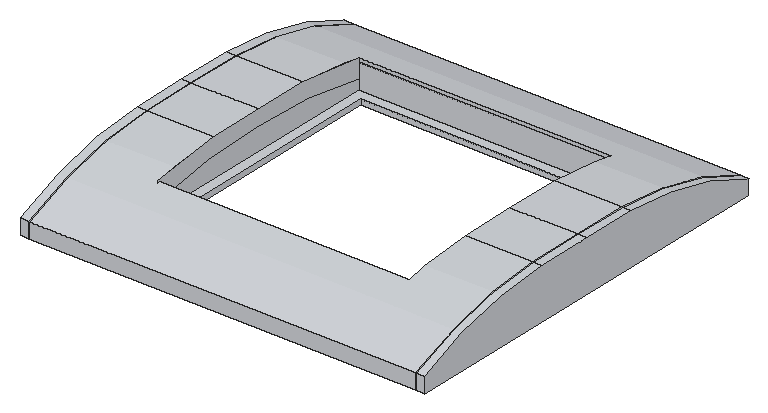
Revit family "Gira_1002773", category Electrical Fixtures, host Face, Revit 2017
Family settings
  Host = Face
  Maintain Annotation Orientation = No
  Round Connector Dimension = Use Diameter
  Part Type = Normal
  Cut with Voids When Loaded = No
  Shared = No
  Room Calculation Point = No
Parameters (values of type "Cov.fr. 2-g w/o cb interm.fr. PW Gira Event Clear sand")
  With mounting grid = "No"
  With hinged lid = "No"
  URL = "http://katalog.gira.de/en/datenblatt.html?artikelnr=1002773"
  Type of fastening = "Clamp mounting"
  Transparent = "No"
  Surface protection = "Other"
  Surface finishing = "Glossy"
  Suitable for wall duct = "No"
  Suitable for flush-mounted installation = "Yes"
  Suitable for floor box = "No"
  Suitable for built-in installation = "No"
  Number of units vertical = "2"
  Number of units horizontal = "2"
  Number of units = "2"
  Name = "Cov.fr. 2-g w/o cb interm.fr. PW Gira Event Clear sand"
  Mounting direction = "Horizontal and vertical"
  Material quality = "Thermoplastic"
  Material = "Plastic"
  Manufacturer URL = "https://www.gira.de/"
  Manufacturer = "Gira"
  Label space/information surface = "No"
  Keynote = ""
  HeinzeBIM = "https://bimportal.heinze.de/bim/cov-fr-2-g-w-o-cb-interm-fr-pw-gira-event-clear-sand/57f78d5b56a9d345fcaddd971beb3b48e9249e7b"
  Halogen free = "Yes"
  HAN = "1002773"
  GTIN = "4010337070351"
  Description = "Cov.fr.2g w o cb i.fr.PW EvCl SD,Gira Event Clear cover frame,sand with pure white glossy intermediate frame,2-gang without crossbar,Features:,- Shatter-proof."
  Degree of protection (IP) = "IP20"
  Default Elevation = 1219.2 mm
  Data sheet (1) = "https://katalog.gira.de/en/download.html?artikelnr=1002773"
  Colour = "Other"
  Category = "Cover frame for domestic switching devices"
  BIM (1) = "https://media.stage.bim.site/public/gira/36a6b08/Event_Rahmen_2fach o.Mittelsteg.rfa?public/gira/36a6b08/Event_Rahmen_2fach o.Mittelsteg.rfa"
  Available = "No"
Reference planes
  plane 1 "Center (Front/Back)": y = 0
  plane 2: z = 0
  plane 3 "Center (Left/Right)": x = 0
Forms (mm)
  Extrusion 1, solid, detail levels fine
    sketch origin (0, 0, 1.55) x (0, 1, 0) y (0, 0, 1)
      loop
        arc (12.445, 9.683) -> (6.223, 9.833) -> (0, 9.85) r 291.636
        arc (0, 9.85) -> (-6.223, 9.833) -> (-12.445, 9.683) r 291.636
        arc (-12.445, 9.683) -> (-29.14, 7.482) -> (-45, 1.823) r 79.728
        line (-45, 1.823) -> (-45, -1.55) -> (-41.777, -1.55) -> (-41.777, -0.55)
        arc (-41.777, -0.55) -> (-21.205, 4.846) -> (0, 6.467) r 118.15
        arc (0, 6.467) -> (21.205, 4.846) -> (41.777, -0.55) r 118.15
        line (41.777, -0.55) -> (41.777, -1.55) -> (45, -1.55) -> (45, 1.823)
        arc (45, 1.823) -> (29.14, 7.482) -> (12.445, 9.683) r 79.728
    from -43 to 43
  Extrusion 2, void, detail levels fine
    sketch origin (0, 0, 0) x (1, 0, 0) y (0, 1, 0)
      loop
        line (-28, -28) -> (28, -28) -> (28, 28) -> (-28, 28) -> (-28, -28)
    from 2.85 to 12
  Extrusion 3, solid, detail levels coarse
    sketch origin (0, 0, 0) x (1, 0, 0) y (0, 1, 0)
      loop
        line (-45, 45) -> (-45, -45) -> (45, -45) -> (45, 45) -> (-45, 45)
    from 0 to 11.4
  Extrusion 4, solid, detail levels medium
    sketch origin (0, 0, 1.55) x (0, 1, 0) y (0, 0, 1)
      loop
        arc (12.445, 9.683) -> (6.223, 9.833) -> (0, 9.85) r 291.636
        arc (0, 9.85) -> (-6.223, 9.833) -> (-12.445, 9.683) r 291.636
        arc (-12.445, 9.683) -> (-29.14, 7.482) -> (-45, 1.823) r 79.728
        line (-45, 1.823) -> (-45, -1.55) -> (45, -1.55) -> (45, 1.823)
        arc (45, 1.823) -> (29.14, 7.482) -> (12.445, 9.683) r 79.728
    from -45 to 45
  Extrusion 5, solid, detail levels fine
    sketch origin (0, 0, 0) x (0, 1, 0) y (0, 0, 1)
      loop
        arc (45, 3.373) -> (29.14, 9.032) -> (12.445, 11.233) r 79.728
        arc (12.445, 11.233) -> (6.223, 11.383) -> (0, 11.4) r 291.636
        arc (0, 11.4) -> (-6.223, 11.383) -> (-12.445, 11.233) r 291.636
        arc (-12.445, 11.233) -> (-29.14, 9.032) -> (-45, 3.373) r 79.728
        line (-45, 3.373) -> (-45, 0) -> (45, 0) -> (45, 3.373)
    from 43 to 45
  Extrusion 6, solid, detail levels fine
    sketch origin (0, 0, 0) x (0, 1, 0) y (0, 0, -1)
      loop
        line (45, -3.373) -> (45, 0) -> (-45, 0) -> (-45, -3.373)
        arc (-45, -3.373) -> (-29.14, -9.032) -> (-12.445, -11.233) r 79.728
        arc (-12.445, -11.233) -> (-6.223, -11.383) -> (0, -11.4) r 291.636
        arc (0, -11.4) -> (6.223, -11.383) -> (12.445, -11.233) r 291.636
        arc (12.445, -11.233) -> (29.14, -9.032) -> (45, -3.373) r 79.728
    from 43 to 45
  Extrusion 7, solid, detail levels fine
    sketch origin (0, 0, 0) x (1, 0, 0) y (0, 1, 0)
      loop
        line (-25.7, 25.7) -> (-25.7, -25.7) -> (25.7, -25.7) -> (25.7, 25.7) -> (-25.7, 25.7)
      loop
        line (-29.495, 27.895) -> (-29.495, -27.895)
        spline (-29.495, -27.895) -> (-29.486, -28.025) -> (-29.461, -28.154) -> (-29.419, -28.278) -> (-29.361, -28.395) -> (-29.288, -28.504) -> (-29.202, -28.602) -> (-29.104, -28.688) -> (-28.995, -28.761) -> (-28.878, -28.819) -> (-28.754, -28.861) -> (-28.625, -28.886) -> (-28.495, -28.895)
        line (-28.495, -28.895) -> (28.495, -28.895)
        spline (28.495, -28.895) -> (28.625, -28.886) -> (28.754, -28.861) -> (28.878, -28.819) -> (28.995, -28.761) -> (29.104, -28.688) -> (29.202, -28.602) -> (29.288, -28.504) -> (29.361, -28.395) -> (29.419, -28.278) -> (29.461, -28.154) -> (29.486, -28.025) -> (29.495, -27.895)
        line (29.495, -27.895) -> (29.495, 27.895)
        spline (29.495, 27.895) -> (29.486, 28.025) -> (29.461, 28.154) -> (29.419, 28.278) -> (29.361, 28.395) -> (29.288, 28.504) -> (29.202, 28.602) -> (29.104, 28.688) -> (28.995, 28.761) -> (28.878, 28.819) -> (28.754, 28.861) -> (28.625, 28.886) -> (28.495, 28.895)
        line (28.495, 28.895) -> (-28.495, 28.895)
        spline (-28.495, 28.895) -> (-28.625, 28.886) -> (-28.754, 28.861) -> (-28.878, 28.819) -> (-28.995, 28.761) -> (-29.104, 28.688) -> (-29.202, 28.602) -> (-29.288, 28.504) -> (-29.361, 28.395) -> (-29.419, 28.278) -> (-29.461, 28.154) -> (-29.486, 28.025) -> (-29.495, 27.895)
    from 1.673 to 8.5
Cuts and joins
  Extrusion 2 cuts Extrusion 1
  Extrusion 2 cuts Extrusion 7
Dimensions and locks
  aligned and locked: plane 2 to host face
  aligned and locked: level to host face
